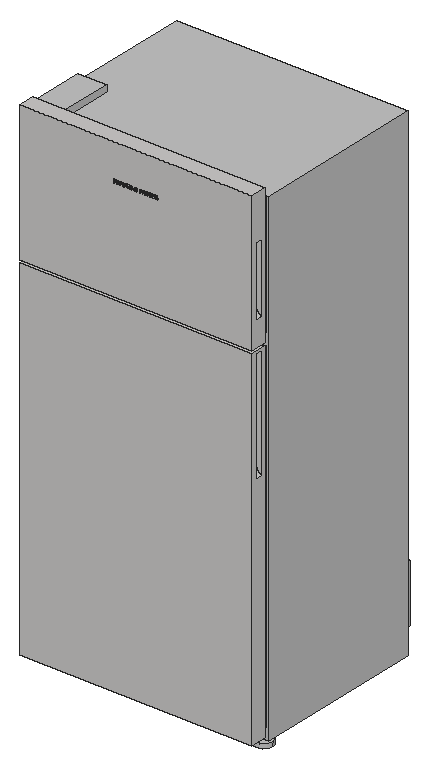
Revit family "FP_Revit_18_RF521TL_Fridges_90001128A", category Specialty Equipment, Revit 2018
Family settings
  Round Connector Dimension = Use Diameter
  Part Type = Normal
  OmniClass Number = 23.40.40.11.11.17
  OmniClass Title = Refrigerator-Freezer
  Work Plane-Based = No
  Always vertical = Yes
  Cut with Voids When Loaded = Yes
  Shared = No
  Room Calculation Point = No
Parameters (values of type "RF521TLPX6")
  Visibility - Clearance Required = yes
  URL = "www.fisherpaykel.com"
  Product - Width = 790 mm  # constant formula
  Product - Height = 1720 mm  # constant formula
  Product - Depth = 695 mm  # constant formula
  Model = "RF521TLPX6"
  Material - Door Structure = Fisher & Paykel - White
  Material - Door Front = Fisher & Paykel - Stainless Steel
  Material - Body = Fisher & Paykel - Grey
  Manufacturer = "Fisher & Paykel Appliances"
  Description = "79cm Freestanding Refrigerator with Bottom Freezer (Stainless)"
  Connector Description - Electrical = "230 V, 10 A, fused electrical supply"
  Chassis - Width = 790 mm  # constant formula
  Chassis - Height = 1662 mm  # constant formula
  Chassis - Depth = 625 mm  # constant formula
  Cavity - Width = 830 mm  # constant formula
  Cavity - Height = 1735 mm  # constant formula
  Cavity - Depth = 625 mm  # constant formula
Types (5, lengths in mm): name | Model | Material - Door Front | Description | Connector Description - Electrical
  (no name) | "RF521TLPX6" | Fisher & Paykel - Stainless Steel | "79cm Freestanding Refrigerator with Bottom Freezer (Stainless)" | "230 V, 10 A, fused electrical supply"
  RF521TLPX6 | "RF521TLPX6" | Fisher & Paykel - Stainless Steel | "79cm Freestanding Refrigerator with Bottom Freezer (Stainless)" | "230 V, 10 A, fused electrical supply"
  RF521TLZX6 | "RF521TLZX6" | Fisher & Paykel - Stainless Steel | "79cm Freestanding Refrigerator with Bottom Freezer (Stainless)" | "230 V, 10 A, fused electrical supply"
  RF521TLZW6 | "RF521TLZW6" | Fisher & Paykel - White | "79cm Freestanding Refrigerator with Bottom Freezer (White)" | "230 V, 10 A, fused electrical supply"
  RF521TLPW6 | "RF521TLPW6" | Fisher & Paykel - White | "79cm Freestanding Refrigerator with Bottom Freezer (White)" | "120 V, 10 A, fused electrical supply"
Reference planes
  plane 1 "Datum": y = 0
  plane 2: z = 0
  plane 3 "Center (Left/Right)": x = 0
  plane 4 "Product LHS": x = -395
  plane 5 "Product RHS": x = 395
  plane 6 "Product - Depth": y = 625
  plane 7 "Cavity LHS": x = -415
  plane 8 "Cavity RHS": x = 415
  plane 9 "Cavity - Depth": y = 625
  plane 10 "Handle Offset": x = 298
  plane 11 "Product Height": z = 1720
  plane 12 "Cavity Height": z = 1735
  plane 13 "Door Panel Front": y = -70
Forms (mm)
  Extrusion 1, solid, material "Fisher & Paykel - Grey" <- "Material - Body"
    sketch origin (0, 0, 0) x (0, 1, 0) y (0, 0, 1)
      loop
        line (0, 24) -> (595, 24) -> (595, 1686) -> (0, 1686) -> (0, 24)
    from -395 to 395
  Extrusion 2, solid, material "Fisher & Paykel - Grey" <- "Material - Body"
    sketch origin (0, 0, 0) x (1, 0, 0) y (0, 1, 0)
      loop
        circle (-365, 18.6) r 4.9
      loop
        circle (365, 18.6) r 4.9
    from 14 to 24
  Extrusion 3, solid, material "Fisher & Paykel - Grey" <- "Material - Body"
    sketch origin (0, 0, 0) x (1, 0, 0) y (0, 1, 0)
      loop
        circle (-365, 18.6) r 30
      loop
        circle (365, 18.6) r 30
    from 0 to 14
  Extrusion 4, solid, material "Fisher & Paykel - Grey" <- "Material - Body"
    sketch origin (0, 0, 0) x (1, 0, 0) y (0, 0, 1)
      loop
        circle (355.042, 69) r 5
    from -615 to -595
  Extrusion 5, solid, material "Fisher & Paykel - White" <- "Material - Door Structure"
    sketch origin (0, 0, 0) x (1, 0, 0) y (0, 1, 0)
      loop
        line (-387, 0) -> (-387, -15) -> (387, -15) -> (387, 0) -> (-387, 0)
    from 1269 to 1680
  Extrusion 6, solid, material "Fisher & Paykel - Stainless Steel" <- "Material - Door Front"
    sketch origin (0, 0, 0) x (1, 0, 0) y (0, 1, 0)
      loop
        line (-395, -15) -> (-395, -70) -> (395, -70) -> (395, -15) -> (-395, -15)
    from 1247 to 1720
  Extrusion 7, solid, material "Fisher & Paykel - Grey" <- "Material - Body", detail levels fine
    sketch origin (0, 0, -4) x (0, 1, 0) y (0, 0, 1)
      loop
        arc (62.091, 28) -> (87.5, 4) -> (112.909, 28) r 25.45
        line (112.909, 28) -> (62.091, 28)
      loop
        arc (503.639, 28) -> (529.047, 4) -> (554.456, 28) r 25.45
        line (554.456, 28) -> (503.639, 28)
    from 325.45 to 342.5
  Extrusion 8, solid, material "Fisher & Paykel - Clearance Required", visible <- "Visibility - Clearance Required", detail levels coarse
    sketch origin (0, 0, 0) x (1, 0, 0) y (0, 1, 0)
      loop
        line (-415, 625) -> (-415, 0) -> (-530, 0) -> (-530, -70) -> (415, -70) -> (415, 625) -> (-415, 625)
    from 0 to 1735
  Extrusion 9, void
    sketch origin (0, 0, 0) x (1, 0, 0) y (0, 1, 0)
      loop
        line (-415, 625) -> (-415, 0) -> (-530, 0) -> (-530, -70) -> (415, -70) -> (415, 625) -> (-415, 625)
    from 0 to 1735
  Extrusion 10, solid, material "Fisher & Paykel - Stainless Steel" <- "Material - Door Front"
    sketch origin (0, 0, 0) x (1, 0, 0) y (0, 1, 0)
      loop
        line (-395, -15) -> (-395, -70) -> (395, -70) -> (395, -15) -> (-395, -15)
    from 40 to 1237
  Extrusion 11, solid, material "Fisher & Paykel - White" <- "Material - Door Structure"
    sketch origin (0, 0, 0) x (1, 0, 0) y (0, 1, 0)
      loop
        line (-387, 0) -> (-387, -15) -> (387, -15) -> (387, 0) -> (-387, 0)
    from 62 to 1229
  Extrusion 12, solid, material "Fisher & Paykel - Grey" <- "Material - Body"
    sketch origin (229.237, 0, 0) x (0, 1, 0) y (0, 0, 1)
      loop
        line (595, 324) -> (595, 94) -> (625, 94) -> (625, 294) -> (595, 324)
    from -604.237 to 145.763
  Extrusion 13, solid, material "Fisher & Paykel - Grey" <- "Material - Body"
    sketch origin (0, 0, 0) x (0, 1, 0) y (0, 0, 1)
      loop
        line (595, 94) -> (595, 24) -> (625, 24) -> (625, 94) -> (595, 94)
    from -375 to 345
  Extrusion 14, solid, material "Fisher & Paykel - Grey" <- "Material - Body", detail levels fine
    sketch origin (0, 0, -4) x (0, 1, 0) y (0, 0, -1)
      loop
        line (62.091, -28) -> (112.909, -28)
        arc (112.909, -28) -> (87.5, -4) -> (62.091, -28) r 25.45
      loop
        line (503.639, -28) -> (554.456, -28)
        arc (554.456, -28) -> (529.047, -4) -> (503.639, -28) r 25.45
    from 325.45 to 342.5
  Extrusion 15, solid, material "Fisher & Paykel - Grey" <- "Material - Body"
    sketch origin (0, 0, 0) x (1, 0, 0) y (0, 1, 0)
      loop
        line (-296.4, 174) -> (-393.4, 174) -> (-393.4, -15) -> (-296.4, -15) -> (-296.4, 174)
    from 1686 to 1708
  Extrusion 16, solid, material "Fisher & Paykel - Clearance Required", visible <- "Visibility - Clearance Required", detail levels coarse
    sketch origin (0, 0, 0) x (1, 0, 0) y (0, 1, 0)
      loop
        line (-460.698, -70) -> (-975.827, -531.456)
        arc (-975.827, -531.456) -> (-135.432, -761.124) -> (395, -70) r 781.226
        line (395, -70) -> (-460.698, -70)
    from 0 to 1735
  Extrusion 17, void
    sketch origin (0, 0, 0) x (1, 0, 0) y (0, 0, 1)
      loop
        arc (395, 1570.451) -> (376.652, 1550.574) -> (370, 1524.354) r 55
        line (370, 1524.354) -> (370, 1376.823)
        arc (370, 1376.823) -> (376.652, 1350.604) -> (395, 1330.726) r 54.999
        line (395, 1330.726) -> (395, 1570.451)
      loop
        arc (395, 1230.725) -> (376.652, 1210.848) -> (370, 1184.628) r 55
        line (370, 1184.628) -> (370, 892.098)
        arc (370, 892.098) -> (376.652, 865.878) -> (395, 846.001) r 54.999
        line (395, 846.001) -> (395, 1230.725)
    from 29 to 56
Cuts and joins
  joined: Extrusion 12, Extrusion 13
  Extrusion 17 cuts Extrusion 1
  Extrusion 17 cuts Extrusion 5
  Extrusion 17 cuts Extrusion 6
  Extrusion 17 cuts Extrusion 10
  Extrusion 17 cuts Extrusion 11
  Extrusion 17 cuts Extrusion 16
Text (mm)
  text "Due to ongoing product development, product details are subject to change without notice. \nPlease always refer to www.fisherpaykel.com for the most current product information. \n© Fisher & Paykel 2020" at (41.04, -848.295, 0), in view "Ref. Level (Plan)"
Dimensions and locks
  equal spacing: plane 4 "Product LHS", plane 3 "Center (Left/Right)", plane 5 "Product RHS"
  "Product - Width": plane 4 "Product LHS" to plane 5 "Product RHS"
  "Chassis - Depth": plane 1 "Datum" to plane 6 "Product - Depth"
  equal spacing: plane 7 "Cavity LHS", plane 3 "Center (Left/Right)", plane 8 "Cavity RHS"
  "Cavity - Width": plane 7 "Cavity LHS" to plane 8 "Cavity RHS"
  "Cavity - Depth": plane 9 "Cavity - Depth" to plane 1 "Datum"
  plane 4 "Product LHS" to plane 10 "Handle Offset" = 693 mm
  Extrusion 4 sketch curve to plane 5 "Product RHS" = 39.958 mm
  Extrusion 3 to level = 14 mm
  "Product - Height": level to plane 11 "Product Height"
  Extrusion 1 sketch curve to plane 11 "Product Height" = 34 mm
  "Cavity - Height": plane 12 "Cavity Height" to level
  "Product - Depth": plane 6 "Product - Depth" to cut or joined group of Extrusion 16, Extrusion 17
  "Chassis - Width": cut or joined group of Extrusion 1, Extrusion 17 to cut or joined group of Extrusion 1, Extrusion 17
  "Chassis - Height": cut or joined group of Extrusion 1, Extrusion 17 to cut or joined group of Extrusion 1, Extrusion 17
  plane 11 "Product Height" to nested 1 = 124 mm
  radius of Extrusion 4 sketch curve = 5 mm
  aligned and locked: level to plane 2
  aligned and locked: Extrusion 1 to plane 5 "Product RHS"
  aligned and locked: plane 4 "Product LHS" to Extrusion 1
  aligned and locked: Extrusion 6 sketch curve to plane 4 "Product LHS"
  aligned and locked: plane 5 "Product RHS" to Extrusion 6 sketch curve
  aligned and locked: Extrusion 1 sketch curve to plane 1 "Datum"
  aligned and locked: Extrusion 13 sketch curve to plane 6 "Product - Depth"
  aligned and locked: Extrusion 4 to Extrusion 1
  aligned and locked: Extrusion 15 to Extrusion 1
  aligned and locked: Extrusion 16 to plane 12 "Cavity Height"
  aligned and locked: Extrusion 9 sketch curve to plane 1 "Datum"
  aligned and locked: plane 5 "Product RHS" to Extrusion 17 sketch curve  (x2)
  aligned and locked: Extrusion 8 to Extrusion 9
Automatic sketch dimensions
  Extrusion 1 sketch curve to plane 6 "Product - Depth" = 30 mm
  level to Extrusion 1 sketch curve = 24 mm
  level to Extrusion 4 sketch curve = 69 mm
  plane 1 "Datum" to Extrusion 5 sketch curve = 0 mm
  Extrusion 5 sketch curve to plane 4 "Product LHS" = 8 mm
  plane 5 "Product RHS" to Extrusion 5 sketch curve = 8 mm
  plane 1 "Datum" to Extrusion 5 sketch curve = 15 mm
  plane 1 "Datum" to Extrusion 6 sketch curve = 70 mm
  plane 1 "Datum" to Extrusion 6 sketch curve = 15 mm
  level to Extrusion 7 sketch curve = 24 mm  (x2)
  Extrusion 7 sketch curve to plane 1 "Datum" = 62.091 mm
  Extrusion 7 sketch curve to Extrusion 7 sketch curve = 25.409 mm  (x2)
  Extrusion 7 sketch curve to plane 6 "Product - Depth" = 121.361 mm
  Extrusion 7 sketch curve to Extrusion 7 sketch curve = 1.45 mm  (x2)
  Extrusion 10 sketch curve to plane 4 "Product LHS" = 0 mm
  Extrusion 10 sketch curve to plane 5 "Product RHS" = 0 mm
  plane 1 "Datum" to Extrusion 10 sketch curve = 70 mm
  plane 1 "Datum" to Extrusion 10 sketch curve = 15 mm
  plane 1 "Datum" to Extrusion 11 sketch curve = 0 mm
  Extrusion 11 sketch curve to plane 4 "Product LHS" = 8 mm
  plane 5 "Product RHS" to Extrusion 11 sketch curve = 8 mm
  plane 1 "Datum" to Extrusion 11 sketch curve = 15 mm
  Extrusion 12 sketch curve to plane 6 "Product - Depth" = 0 mm
  Extrusion 12 sketch curve to plane 6 "Product - Depth" = 30 mm
  level to Extrusion 12 sketch curve = 94 mm
  Extrusion 12 sketch curve to Extrusion 12 sketch curve = 200 mm
  Extrusion 12 sketch curve to Extrusion 12 sketch curve = 30 mm
  Extrusion 13 sketch curve to Extrusion 13 sketch curve = 30 mm
  level to Extrusion 13 sketch curve = 24 mm
  Extrusion 13 sketch curve to Extrusion 13 sketch curve = 70 mm
  level to Extrusion 14 sketch curve = 24 mm  (x2)
  Extrusion 14 sketch curve to plane 1 "Datum" = 62.091 mm
  Extrusion 14 sketch curve to Extrusion 14 sketch curve = 25.409 mm  (x2)
  Extrusion 14 sketch curve to plane 6 "Product - Depth" = 121.361 mm
  level to Extrusion 14 sketch curve = 25.45 mm
  Extrusion 14 sketch curve to Extrusion 14 sketch curve = 1.45 mm
  Extrusion 3 sketch curve to plane 4 "Product LHS" = 30 mm
  plane 5 "Product RHS" to Extrusion 3 sketch curve = 30 mm
  Extrusion 3 sketch curve to plane 1 "Datum" = 18.6 mm  (x2)
  Extrusion 2 sketch curve to plane 4 "Product LHS" = 30 mm
  plane 5 "Product RHS" to Extrusion 2 sketch curve = 30 mm
  Extrusion 2 sketch curve to plane 1 "Datum" = 18.6 mm  (x2)
  Extrusion 15 sketch curve to plane 4 "Product LHS" = 1.6 mm
  plane 1 "Datum" to Extrusion 15 sketch curve = 15 mm
  Extrusion 15 sketch curve to Extrusion 15 sketch curve = 97 mm
  Extrusion 15 sketch curve to plane 1 "Datum" = 174 mm
  plane 7 "Cavity LHS" to Extrusion 16 sketch curve = 560.827 mm
  plane 7 "Cavity LHS" to Extrusion 16 sketch curve = 45.698 mm
  Extrusion 16 sketch curve to plane 4 "Product LHS" = 10.329 mm
  Extrusion 16 sketch curve to plane 5 "Product RHS" = 0 mm
  plane 1 "Datum" to Extrusion 16 sketch curve = 531.456 mm
  Extrusion 9 sketch curve to plane 7 "Cavity LHS" = 0 mm
  Extrusion 9 sketch curve to plane 9 "Cavity - Depth" = 0 mm
  plane 7 "Cavity LHS" to Extrusion 9 sketch curve = 115 mm
  plane 1 "Datum" to Extrusion 16 sketch curve = 70 mm
  plane 5 "Product RHS" to Extrusion 17 sketch curve = 25 mm  (x2)
  Extrusion 17 sketch curve to plane 8 "Cavity RHS" = 9.999 mm  (x2)
  Extrusion 17 sketch curve to plane 8 "Cavity RHS" = 10 mm  (x2)
  level to Extrusion 17 sketch curve = 846.001 mm
  Extrusion 17 sketch curve to Extrusion 17 sketch curve = 292.53 mm
  Extrusion 17 sketch curve to Extrusion 17 sketch curve = 100.001 mm
  Extrusion 17 sketch curve to Extrusion 17 sketch curve = 147.531 mm
  plane 1 "Datum" to Extrusion 9 sketch curve = 70 mm
  Extrusion 9 sketch curve to plane 8 "Cavity RHS" = 0 mm
  plane 1 "Datum" to Extrusion 8 sketch curve = 0 mm
  Extrusion 8 sketch curve to plane 6 "Product - Depth" = 0 mm
  Extrusion 8 sketch curve to plane 7 "Cavity LHS" = 0 mm
  Extrusion 8 sketch curve to plane 8 "Cavity RHS" = 0 mm
  plane 7 "Cavity LHS" to Extrusion 8 sketch curve = 115 mm
  plane 1 "Datum" to Extrusion 8 sketch curve = 70 mm
  radius of Extrusion 3 sketch curve = 30 mm  (x2)
  radius of Extrusion 2 sketch curve = 4.9 mm  (x2)
Nested families
  nested 1: "F&P Logo 150mm" at (0, -70, 1596), type "F&P Logo 150mm"
Connectors
  electrical at (355.042, 615, 69), driven by "Connector Description - Electrical"
    settings: on Extrusion 4, index 2, voltage 230 V, apparent load 0 VA, apparent load phase1 0 VA, apparent load phase2 0 VA, apparent load phase3 0 VA, power factor 1, load classification "Other", number of poles 1, system type 30, power factor state 1, is connector primary yes, connector utility no, sub classification motor no, connector description "230 V, 10 A, fused electrical supply"
Definition of nested family "F&P Logo 150mm"
  Parameters (values of type "F&P Logo 150mm")
    URL = "www.fisherpaykel.com"
    Material - Logo = none
    Manufacturer = "Fisher & Paykel Appliances"
  Reference planes
    plane 1 "Center (Front/Back)": y = 0
    plane 2: z = 0
    plane 3 "Center (Left/Right)": x = 0
  Forms (mm)
    Extrusion 1, solid, material <- "Material - Logo", detail levels fine
      sketch origin (0, 0, 0) x (1, 0, 0) y (0, 0, 1)
        loop
          line (-74.994, 0) -> (-72.633, 0) -> (-72.633, 3.207) -> (-68.944, 3.207) -> (-68.944, 5.208) -> (-72.633, 5.208) -> (-72.633, 7.068) -> (-68.62, 7.068) -> (-68.62, 9.06) -> (-74.994, 9.06) -> (-74.994, 0)
        loop
          line (-64.134, 9.06) -> (-64.134, 0) -> (-61.773, 0) -> (-61.773, 9.06) -> (-64.134, 9.06)
        loop
          line (-46.015, 9.06) -> (-46.015, 0) -> (-43.654, 0) -> (-43.654, 3.63) -> (-40.187, 3.63) -> (-40.187, 0) -> (-37.826, 0) -> (-37.826, 9.06) -> (-40.187, 9.06) -> (-40.187, 5.622) -> (-43.654, 5.622) -> (-43.654, 9.06) -> (-46.015, 9.06)
        loop
          line (-32.787, 9.06) -> (-32.787, 0) -> (-26.332, 0) -> (-26.332, 1.992) -> (-30.448, 1.992) -> (-30.448, 3.63) -> (-26.686, 3.63) -> (-26.686, 5.622) -> (-30.448, 5.622) -> (-30.448, 7.068) -> (-26.332, 7.068) -> (-26.332, 9.06) -> (-32.787, 9.06)
        loop
          line (68.572, 9.06) -> (68.572, 0) -> (75.006, 0) -> (75.006, 1.992) -> (70.933, 1.992) -> (70.933, 9.06) -> (68.572, 9.06)
        loop
          line (63.719, 9.06) -> (57.241, 9.06) -> (57.241, 0) -> (63.719, 0) -> (63.719, 1.992) -> (59.602, 1.992) -> (59.602, 3.63) -> (63.364, 3.63) -> (63.364, 5.622) -> (59.602, 5.622) -> (59.602, 7.068) -> (63.719, 7.068) -> (63.719, 9.06)
        loop
          line (50.248, 4.722) -> (53.597, 9.06) -> (50.837, 9.06) -> (47.945, 5.313) -> (47.945, 9.06) -> (45.585, 9.06) -> (45.585, 0) -> (47.945, 0) -> (47.945, 4.058) -> (50.926, 0) -> (53.716, 0) -> (50.248, 4.722)
        loop
          line (33.043, 9.06) -> (36.466, 3.63) -> (36.466, 0) -> (38.827, 0) -> (38.827, 3.511) -> (42.25, 9.06) -> (39.742, 9.06) -> (37.721, 5.561) -> (35.701, 9.06) -> (33.043, 9.06)
        loop
          line (27.79, 9.06) -> (25.547, 9.06) -> (21.858, 0) -> (24.175, 0) -> (24.824, 1.668) -> (28.454, 1.668) -> (29.103, 0) -> (31.479, 0) -> (27.79, 9.06)
        loop
          line (27.671, 3.659) -> (26.612, 6.261) -> (25.599, 3.659) -> (27.671, 3.659)
        loop
          line (12.119, 9.06) -> (12.119, 0) -> (14.48, 0) -> (14.48, 2.907) -> (15.971, 2.907)
          arc (15.971, 2.907) -> (19.048, 5.983) -> (15.971, 9.06) r 3.077
          line (15.971, 9.06) -> (12.119, 9.06)
        loop
          line (14.48, 7.068) -> (14.48, 4.796) -> (15.824, 4.796)
          arc (15.824, 4.796) -> (16.96, 5.932) -> (15.824, 7.068) r 1.136
          line (15.824, 7.068) -> (14.48, 7.068)
        loop
          line (-17.602, 9.06) -> (-21.477, 9.06) -> (-21.477, 0) -> (-19.116, 0) -> (-19.116, 2.522) -> (-18.311, 2.522) -> (-16.387, 0) -> (-13.657, 0) -> (-15.969, 2.959)
          arc (-15.969, 2.959) -> (-14.445, 6.636) -> (-17.602, 9.06) r 3.269
        loop
          line (-17.774, 7.068) -> (-19.116, 7.068) -> (-19.116, 4.579) -> (-17.774, 4.579)
          arc (-17.774, 4.579) -> (-16.529, 5.823) -> (-17.774, 7.068) r 1.244
        loop
          line (0.788, 7.068) -> (0.788, 9.229) -> (-5.291, 9.229) -> (-5.291, 7.276) -> (-4.389, 6.167)
          arc (-4.389, 6.167) -> (-5.193, 1.025) -> (0.005, 0.768) r 3.5
          line (0.005, 0.768) -> (0.63, 0) -> (3.308, 0) -> (1.362, 2.391) -> (3.12, 4.924) -> (0.694, 4.924) -> (0.053, 4) -> (-2.443, 7.068) -> (0.788, 7.068)
        loop
          arc (-3.116, 4.603) -> (-3.331, 2.502) -> (-1.23, 2.286) r 1.493
          line (-1.23, 2.286) -> (-3.116, 4.603)
        loop
          line (-52.698, 5.451) -> (-54.701, 5.866)
          arc (-54.701, 5.866) -> (-55.501, 6.665) -> (-54.701, 7.465) r 0.799
          arc (-54.701, 7.465) -> (-52.78, 7.185) -> (-51.017, 6.371) r 6.757
          line (-51.017, 6.371) -> (-51.017, 8.615)
          arc (-51.017, 8.615) -> (-53.252, 9.269) -> (-55.578, 9.164) r 7.089
          arc (-55.578, 9.164) -> (-57.732, 6.502) -> (-55.578, 3.841) r 2.721
          line (-55.578, 3.841) -> (-53.559, 3.423)
          arc (-53.559, 3.423) -> (-52.76, 2.623) -> (-53.559, 1.824) r 0.799
          arc (-53.559, 1.824) -> (-55.481, 2.103) -> (-57.244, 2.917) r 6.757
          line (-57.244, 2.917) -> (-57.244, 0.674)
          arc (-57.244, 0.674) -> (-55.009, 0.02) -> (-52.682, 0.125) r 7.089
          arc (-52.682, 0.125) -> (-50.529, 2.795) -> (-52.698, 5.451) r 2.721
      from 0 to 0.8
  Dimensions and locks
    aligned and locked: level to plane 2
